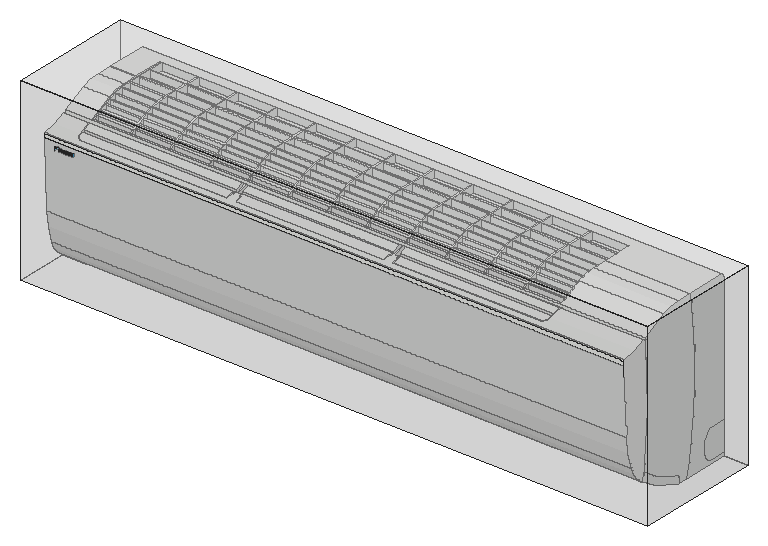
Revit family "outputfile", category 機械設備, Revit 2024
Family settings
  丸型コネクタ寸法 = 半径を使用
  パーツ タイプ = 標準
  OmniClass 番号 = 23.75.10.24.21.27.27
  OmniClass タイトル = Split System Air Conditioning Units
  作業面ベース = いいえ
  常に垂直 = はい
  ロード時にボイドで切り取り = いいえ
  注釈の向きを維持 = いいえ
  共有 = いいえ
  部屋計算ポイント = いいえ
Parameters (values of type "CTXM85RVMA")
  Description = ""
  書き出し IFC クラス(タイプ) = "IfcUnitaryEquipmentType"
  定義済み IFC タイプ(タイプ) = "AIRCONDITIONINGUNIT"
  Cost = 0
  Type Comments = ""
  Keynote = ""
  Type Image = (empty or 0)
  Assembly Code = ""
  w_wall hole = if(Width = 770.0 mm, 48.0 mm, if(Width = 990.0 mm, 60.0 mm, 89.0 mm))  # 89.0 mm
  製造元 = "Daikin"
  モデル = "CTXM85RVMA"
  switch_frequency = yes
  r_Liquid Pipe Size = Liquid Pipe Size / 2  # 3.2 mm
  r_Gas Pipe Size = Gas Pipe Size / 2  # 7.95 mm
  r_Drain Pipe Size = Drain Pipe Size / 2  # 8.0 mm
  lw_powersupply [instance] = if(Width = 770.0 mm, if(or(Rear Right Connection_refrigerant, Bottom Right Connection_refrigerant), 25.0 mm, if(or(Rear Left Connection_refrigerant, Bottom Left Connection_refrigerant), 745.0 mm, 400.0 mm)), if(Width = 990.0 mm, if(or(Rear Right Connection_refrigerant, Bottom Right Connection_refrigerant), 40.0 mm, if(or(Rear Left Connection_refrigerant, Bottom Left Connection_refrigerant), 920.0 mm, 400.0 mm)), if(Width = 1200.0 mm, if(or(Rear Right Connection_refrigerant, Bottom Right Connection_refrigerant), 89.0 mm - 19.0 mm, if(or(Rear Left Connection_refrigerant, Bottom Left Connection_refrigerant), 675.0 mm + (990.0 mm - 770.0 mm) + 145.0 mm + 22.0 mm + 89.0 mm, 400.0 mm)), if(or(Rear Right Connection_refrigerant, Bottom Right Connection_refrigerant), 89.0 mm - 19.0 mm, if(or(Rear Left Connection_refrigerant, Bottom Left Connection_refrigerant), 675.0 mm + (990.0 mm - 770.0 mm) + 145.0 mm + 22.0 mm + 89.0 mm, 400.0 mm)))))  # 400.0 mm
  lw_liquidpipe [instance] = if(Width = 770.0 mm, if(or(Rear Right Connection_refrigerant, Bottom Right Connection_refrigerant), 0.0 mm, if(or(Rear Left Connection_refrigerant, Bottom Left Connection_refrigerant), 664.0 mm, 385.0 mm)), if(Width = 990.0 mm, if(or(Rear Right Connection_refrigerant, Bottom Right Connection_refrigerant), 0.0 mm, if(or(Rear Left Connection_refrigerant, Bottom Left Connection_refrigerant), 664.0 mm + (990.0 mm - 770.0 mm), 475.0 mm)), if(Width = 1200.0 mm, if(or(Rear Right Connection_refrigerant, Bottom Right Connection_refrigerant), 0.0 mm, if(or(Rear Left Connection_refrigerant, Bottom Left Connection_refrigerant), 664.0 mm + (990.0 mm - 770.0 mm) + 145.0 mm, 460.0 mm)), if(or(Rear Right Connection_refrigerant, Bottom Right Connection_refrigerant), 0.0 mm, if(or(Rear Left Connection_refrigerant, Bottom Left Connection_refrigerant), 664.0 mm + (990.0 mm - 770.0 mm) + 145.0 mm, 460.0 mm)))))  # 460.0 mm
  lw_gaspipe [instance] = if(Width = 770.0 mm, if(or(Rear Right Connection_refrigerant, Bottom Right Connection_refrigerant), 0.0 mm, if(or(Rear Left Connection_refrigerant, Bottom Left Connection_refrigerant), 675.0 mm, if(Gas Pipe Size = 12.7 mm, 345.0 mm, 335.0 mm))), if(Width = 990.0 mm, if(or(Rear Right Connection_refrigerant, Bottom Right Connection_refrigerant), 10.0 mm, if(or(Rear Left Connection_refrigerant, Bottom Left Connection_refrigerant), 890.0 mm, if(Gas Pipe Size = 15.9 mm, 410.0 mm, 400.0 mm))), if(Width = 1200.0 mm, if(or(Rear Right Connection_refrigerant, Bottom Right Connection_refrigerant), 10.0 mm, if(or(Rear Left Connection_refrigerant, Bottom Left Connection_refrigerant), 675.0 mm + (990.0 mm - 770.0 mm) + 145.0 mm, 400.0 mm)), if(or(Rear Right Connection_refrigerant, Bottom Right Connection_refrigerant), 10.0 mm, if(or(Rear Left Connection_refrigerant, Bottom Left Connection_refrigerant), 675.0 mm + (990.0 mm - 770.0 mm) + 145.0 mm, 400.0 mm)))))  # 400.0 mm
  lw_drainpipe [instance] = if(Width = 770.0 mm, if(or(Rear Right Connection_refrigerant, Bottom Right Connection_refrigerant), 0.0 mm, if(or(Rear Left Connection_refrigerant, Bottom Left Connection_refrigerant), 770.0 mm - 48.0 mm - 48.0 mm, 440.0 mm)), if(Width = 990.0 mm, if(or(Rear Right Connection_refrigerant, Bottom Right Connection_refrigerant), 0.0 mm, if(or(Rear Left Connection_refrigerant, Bottom Left Connection_refrigerant), 675.0 mm + (990.0 mm - 770.0 mm), 435.0 mm)), if(Width = 1200.0 mm, if(or(Rear Right Connection_refrigerant, Bottom Right Connection_refrigerant), 0.0 mm, if(or(Rear Left Connection_refrigerant, Bottom Left Connection_refrigerant), 675.0 mm + (990.0 mm - 770.0 mm) + 145.0 mm, 465.0 mm)), if(or(Rear Right Connection_refrigerant, Bottom Right Connection_refrigerant), 0.0 mm, if(or(Rear Left Connection_refrigerant, Bottom Left Connection_refrigerant), 675.0 mm + (990.0 mm - 770.0 mm) + 145.0 mm, 465.0 mm)))))  # 465.0 mm
  l_powersupply_length [instance] = if(Width = 770.0 mm, if(Right Connection_refrigerant, 400.0 mm, if(Left Connection_refrigerant, 770.0 mm - 400.0 mm, if(or(Rear Left Connection_refrigerant, Rear Right Connection_refrigerant), 15.0 mm, 50.0 mm))), if(Width = 990.0 mm, if(Right Connection_refrigerant, 400.0 mm, if(Left Connection_refrigerant, 990.0 mm - 400.0 mm, if(or(Rear Left Connection_refrigerant, Rear Right Connection_refrigerant), 15.0 mm, 50.0 mm))), if(Width = 1200.0 mm, if(Right Connection_refrigerant, 400.0 mm, if(Left Connection_refrigerant, 1200.0 mm - 400.0 mm, if(or(Rear Left Connection_refrigerant, Rear Right Connection_refrigerant), 15.0 mm, 50.0 mm))), if(Right Connection_refrigerant, 400.0 mm, if(Left Connection_refrigerant, 1200.0 mm - 400.0 mm, if(or(Rear Left Connection_refrigerant, Rear Right Connection_refrigerant), 15.0 mm, 50.0 mm))))))  # 400.0 mm
  l_liquidpipe_length [instance] = if(Width = 770.0 mm, if(Right Connection_refrigerant, 433.0 mm, if(Left Connection_refrigerant, 337.0 mm, if(or(Rear Left Connection_refrigerant, Rear Right Connection_refrigerant), 30.0 mm, 40.0 mm))), if(Width = 990.0 mm, if(Right Connection_refrigerant, 535.0 mm, if(Left Connection_refrigerant, 455.0 mm, if(or(Rear Left Connection_refrigerant, Rear Right Connection_refrigerant), 30.0 mm, 40.0 mm))), if(Width = 1200.0 mm, if(Right Connection_refrigerant, 549.0 mm, if(Left Connection_refrigerant, 1200.0 mm - 549.0 mm, if(or(Rear Left Connection_refrigerant, Rear Right Connection_refrigerant), 30.0 mm, 40.0 mm))), if(Right Connection_refrigerant, 549.0 mm, if(Left Connection_refrigerant, 1200.0 mm - 549.0 mm, if(or(Rear Left Connection_refrigerant, Rear Right Connection_refrigerant), 30.0 mm, 40.0 mm))))))  # 549.0 mm
  l_gaspipe_length [instance] = if(Width = 770.0 mm, if(Right Connection_refrigerant, if(Gas Pipe Size = 12.7 mm, 393.0 mm, 383.0 mm), if(Left Connection_refrigerant, if(Gas Pipe Size = 12.7 mm, 770.0 mm - 393.0 mm, 770.0 mm - 383.0 mm), if(or(Rear Left Connection_refrigerant, Rear Right Connection_refrigerant), 40.0 mm, 50.0 mm))), if(Width = 990.0 mm, if(Right Connection_refrigerant, if(Gas Pipe Size = 15.9 mm, 470.0 mm, 460.0 mm), if(Left Connection_refrigerant, if(Gas Pipe Size = 15.9 mm, 990.0 mm - 470.0 mm, 990.0 mm - 460.0 mm), if(or(Rear Left Connection_refrigerant, Rear Right Connection_refrigerant), 40.0 mm, 50.0 mm))), if(Width = 1200.0 mm, if(Right Connection_refrigerant, 489.0 mm, if(Left Connection_refrigerant, 1200.0 mm - 489.0 mm, if(or(Rear Left Connection_refrigerant, Rear Right Connection_refrigerant), 40.0 mm, 50.0 mm))), if(Right Connection_refrigerant, 489.0 mm, if(Left Connection_refrigerant, 1200.0 mm - 489.0 mm, if(or(Rear Left Connection_refrigerant, Rear Right Connection_refrigerant), 40.0 mm, 50.0 mm))))))  # 489.0 mm
  l_drainpipe_length [instance] = if(Width = 770.0 mm, if(Right Connection_refrigerant, 488.0 mm, if(Left Connection_refrigerant, 282.0 mm, if(or(Rear Left Connection_refrigerant, Rear Right Connection_refrigerant), 15.0 mm, 20.0 mm))), if(Width = 990.0 mm, if(Right Connection_refrigerant, 495.0 mm, if(Left Connection_refrigerant, 495.0 mm, if(or(Rear Left Connection_refrigerant, Rear Right Connection_refrigerant), 15.0 mm, 20.0 mm))), if(Width = 1200.0 mm, if(Right Connection_refrigerant, 554.0 mm, if(Left Connection_refrigerant, 1200.0 mm - 554.0 mm, if(or(Rear Left Connection_refrigerant, Rear Right Connection_refrigerant), 15.0 mm, 20.0 mm))), if(Right Connection_refrigerant, 554.0 mm, if(Left Connection_refrigerant, 1200.0 mm - 554.0 mm, if(or(Rear Left Connection_refrigerant, Rear Right Connection_refrigerant), 15.0 mm, 20.0 mm))))))  # 554.0 mm
  h*** = 0.0 mm  # constant formula
  connector_voltage = Voltage_50Hz  # 230 V
  connector_powerinput = if([Power Input (Cooling)] > [Power Input (Heating)], [Power Input (Cooling)], [Power Input (Heating)])  # 0.000 kW
  connector_phase = Phase_50Hz  # 1
  angle_vertical [instance] = if(or(Bottom Left Connection_refrigerant, Bottom Right Connection_refrigerant), 0.00°, 90.00°)  # 90.00°
  angle_horizontal [instance] = if(Right Connection_refrigerant, 90.00°, if(Left Connection_refrigerant, -90.00°, if(or(Rear Left Connection_refrigerant, Rear Right Connection_refrigerant), 180.00°, 0.00°)))  # 90.00°
  Width = 1200.0 mm
  Voltage_comment_50Hz = "220 - 240"
  Voltage_50Hz = 230 V
  Version = "ver.1.0"
  Unit Type = "Wall Mounted"
  Unit Mass Weight = 17.00 kg
  Unit Designation [instance] = ""
  Uniclass2015Version = "Products v1.30"
  Uniclass2015Title = "Split coil room air conditioning units"
  Uniclass2015Code = "Pr_70_65_03_86"
  URL = ""
  Total Heating Capacity [instance] = 0.000 kW
  Total Cooling Capacity [instance] = 0.000 kW
  Sound Pressure Level_M speed (dBA) = 46
  Sound Pressure Level_L speed (dBA) = 40
  Sound Pressure Level_H speed (dBA) = 51
  Sound Power Level_H speed (dB) = 0
  Series = "Multi Split_Fan Coil Unit"
  Sensible Cooling Capacity [instance] = 0.000 kW
  Refrigerant Type = "R32"
  Power Input (Heating) = 0.000 kW
  Power Input (Cooling) = 0.000 kW
  Phase_50Hz = 1
  Option Accessory 3 [instance] = ""
  Option Accessory 2 [instance] = ""
  Option Accessory 1 [instance] = ""
  Nominal Heating Capacity = 9.400 kW
  Nominal Cooling Capacity = 8.500 kW
  Minimum Circuit Amps_50Hz = 0.0 A
  Minimum Airflow = 1040.00 m³/h
  Median Airflow = 1240.00 m³/h
  Maximum Fuse Amps_50Hz = 0.0 A
  Maximum Airflow = 1430.00 m³/h
  Material_Casing = DAIKIN_White_Casing_indoorunit
  Load Classification = HVAC
  Liquid Pipe Size = 6.4 mm
  Link_Nested Family [instance] = ""
  IfcVersion = ""
  IfcExportType = "AIRCONDITIONINGUNIT"
  IfcExportAs = "IfcUnitaryEquipmentType"
  Height = 340.0 mm
  Heating Entering Wet Bulb Temperature [instance] = 0.00 °C
  Heating Entering Dry Bulb Temperature [instance] = 0.00 °C
  Heating Ambient Wet Bulb Temperature [instance] = 0.00 °C
  Heating Ambient Dry Bulb Temperature [instance] = 0.00 °C
  Heat Exchanger Type = "Cross Fin Coil"
  Gas Pipe Size = 15.9 mm
  Frequency_50Hz = 50 Hz
  Fan Type = "Cross Flow Fan"
  Fan Drive = "Direct Drive"
  FCU Tag No. [instance] = ""
  Drain Pipe Size = 16.0 mm
  Design Supply Airflow [instance] = 0.00 m³/h
  Depth = 259.0 mm
  既定の高さ = 0.0 mm
  Cooling Entering Wet Bulb Temperature [instance] = 0.00 °C
  Cooling Entering Dry Bulb Temperature [instance] = 0.00 °C
  Cooling Ambient Wet Bulb Temperature [instance] = 0.00 °C
  Cooling Ambient Dry Bulb Temperature [instance] = 0.00 °C
  Clearance visibility [instance] = yes
  Clearance Top = 30.0 mm
  Clearance Right = 50.0 mm
  Clearance Rear = 0.0 mm
  Clearance Left = 50.0 mm
  Clearance Front = 0.0 mm
  Clearance Bottom = 0.0 mm
  Bottom Right Connection_refrigerant [instance] = no
  Bottom Left Connection_refrigerant [instance] = no
  Rear Right Connection_refrigerant [instance] = no
  Rear Left Connection_refrigerant [instance] = no
  Right Connection_refrigerant [instance] = yes
  Left Connection_refrigerant [instance] = no
Reference planes
  plane 1 "Back": y = 0
  plane 2: z = 0
  plane 3 "Center (Left/Right)": x = 0
  plane 4 "Center (Front/Back)": y = -129.5
  plane 5 "Front": y = -259
  plane 6 "Left": x = -600
  plane 7 "Right": x = 600
  plane 8 "Top": z = 0
  plane 9 "Bottom": z = -340
  plane 10: x = -650
  plane 11: x = 650
  plane 12: y = 0
  plane 13: y = -259
  plane 14: z = 30
  plane 15: z = -340
  plane 16 "lw_Piping and Wiring intake": x = 511
  plane 17 "lw_gaspipe": x = 111
  plane 18 "lw_liquidpipe": x = 51
  plane 19 "lw_drainpipe": x = 46
  plane 20 "lh_drainpipe": z = -320
  plane 21 "lh_liquidpipe": z = -300
  plane 22 "lh_gaspipe": z = -290
  plane 23 "ld_drainpipe": y = -15
  plane 24 "ld_liquidpipe": y = -30
  plane 25 "ld_gaspipe": y = -40
  plane 26 "lw_powersupply": x = 200
Dimensions and locks
  equal spacing: plane 6 "Left", plane 3 "Center (Left/Right)", plane 7 "Right"
  "Width": plane 6 "Left" to plane 7 "Right"
  equal spacing: plane 5 "Front", plane 4 "Center (Front/Back)", plane 1 "Back"
  "Depth": plane 5 "Front" to plane 1 "Back"
  "Height": plane 8 "Top" to plane 9 "Bottom"
  "Clearance Rear": plane 12 to plane 1 "Back"
  "Clearance Front": plane 13 to plane 5 "Front"
  "Clearance Top": plane 14 to plane 8 "Top"
  "Clearance Bottom": plane 9 "Bottom" to plane 15
  "w_wall hole": plane 16 "lw_Piping and Wiring intake" to plane 7 "Right"
  "lw_gaspipe": plane 17 "lw_gaspipe" to plane 16 "lw_Piping and Wiring intake"
  "lw_liquidpipe": plane 18 "lw_liquidpipe" to plane 16 "lw_Piping and Wiring intake"
  "lw_drainpipe": plane 19 "lw_drainpipe" to plane 16 "lw_Piping and Wiring intake"
  locked: plane 20 "lh_drainpipe" to plane 9 "Bottom" at 20
  locked: plane 21 "lh_liquidpipe" to plane 9 "Bottom" at 40
  locked: plane 22 "lh_gaspipe" to plane 9 "Bottom" at 50
  locked: plane 23 "ld_drainpipe" to plane 1 "Back" at 15
  locked: plane 1 "Back" to plane 24 "ld_liquidpipe" at 30
  locked: plane 1 "Back" to plane 25 "ld_gaspipe" at 40
  "lw_powersupply": plane 26 "lw_powersupply" to plane 7 "Right"
  "Clearance Right": plane 7 "Right" to plane 11
  "Clearance Left": plane 10 to plane 6 "Left"
  aligned and locked: level to plane 2
  aligned and locked: plane 12 to nested 1
  aligned and locked: nested 1 to plane 13
  aligned and locked: plane 10 to nested 1
  aligned and locked: plane 11 to nested 1
  aligned and locked: plane 15 to nested 1
  aligned and locked: plane 14 to nested 1
  aligned and locked: plane 17 "lw_gaspipe" to nested 2
  aligned and locked: nested 2 to plane 25 "ld_gaspipe"
  aligned and locked: plane 18 "lw_liquidpipe" to nested 3
  aligned and locked: nested 3 to plane 24 "ld_liquidpipe"
  aligned and locked: plane 19 "lw_drainpipe" to nested 4
  aligned and locked: nested 4 to plane 23 "ld_drainpipe"
  aligned and locked: nested 5 to plane 23 "ld_drainpipe"
  aligned and locked: plane 26 "lw_powersupply" to nested 5
  aligned and locked: level to plane 8 "Top"
  aligned and locked: plane 3 "Center (Left/Right)" to nested 6
  aligned and locked: plane 1 "Back" to nested 6
  aligned and locked: plane 8 "Top" to nested 6
Nested families
  nested 1: "daikin_clearancespace" at (0, -129.5, -154.881), show <- "Clearance visibility", visible <- "Clearance visibility", Link_Nested Family <- "Link_Nested Family", type "daikin_clearancespace"
    with width 1300.0 mm, show yes, height 370.0 mm, depth 259.0 mm, Link_Nested Family ""
  nested 2: "daikin_connector_rotate3" at (111, -40, -290), angle_vertical <- "angle_vertical", angle_horizontal <- "angle_horizontal", length <- "l_gaspipe_length", radius <- "r_Gas Pipe Size", type "daikin_connector_rotate3"
    with show no, radius 7.95 mm, length 489.0 mm, angle_vertical 90.00°, angle_horizontal 90.00°
  nested 3: "daikin_connector_rotate3" at (51, -30, -300), angle_vertical <- "angle_vertical", angle_horizontal <- "angle_horizontal", radius <- "r_Liquid Pipe Size", length <- "l_liquidpipe_length", type "daikin_connector_rotate3"
    with show no, radius 3.2 mm, length 549.0 mm, angle_vertical 90.00°, angle_horizontal 90.00°
  nested 4: "daikin_connector_rotate3" at (46, -15, -320), angle_vertical <- "angle_vertical", angle_horizontal <- "angle_horizontal", length <- "l_drainpipe_length", radius <- "r_Drain Pipe Size", type "daikin_connector_rotate3"
    with show no, radius 8.0 mm, length 554.0 mm, angle_vertical 90.00°, angle_horizontal 90.00°
  nested 5: "daikin_connector_rotate3" at (200, -15, -290), angle_vertical <- "angle_vertical", angle_horizontal <- "angle_horizontal", length <- "l_powersupply_length", type "daikin_connector_rotate3"
    with show no, radius 10.0 mm, length 400.0 mm, angle_vertical 90.00°, angle_horizontal 90.00°
  nested 6: "DAIKIN_indoorunit_CTXM-RVMA" at (-31, 0, 0), type "CTXM-RVMA"
    with switch_unit1_85-95 yes, switch_unit1_20-46 no, Width 1200.0 mm, WALL HOLE_L 65.0 mm, WALL HOLE_H 45.0 mm, WALL HOLE-R 89.0 mm, WALL HOLE Size 80.0 mm, Height 340.0 mm
Connectors
  piping at (600, -40, -290), diameter 15.9, driven by "r_Gas Pipe Size"
    settings: on nested 2, index 1, connector inside diameter 609.6 mm, connector length 0.0 mm, flow factor 0, pipe flow 0.00 m³/h, pressure drop 0.0 Pa, fitting loss kfactor 0, connector angle 0.00°, fixture units 0, engagement length 0.0 mm, angle of deflection 0.00°, flow configuration 1, flow direction 2, fitting loss method 0, system type 29, joint type 0, gender type 0, connector reference index -1, connector utility 0, adjustable connector no, is connector primary yes, connector description "Refrigerant Gas Piping"
  piping at (600, -30, -300), diameter 6.4, driven by "r_Liquid Pipe Size"
    settings: on nested 3, index 2, connector inside diameter 609.6 mm, connector length 0.0 mm, flow factor 0, pipe flow 0.00 m³/h, pressure drop 0.0 Pa, fitting loss kfactor 0, connector angle 0.00°, fixture units 0, engagement length 0.0 mm, angle of deflection 0.00°, flow configuration 1, flow direction 1, fitting loss method 0, system type 29, joint type 0, gender type 0, connector reference index -1, connector utility 0, adjustable connector no, is connector primary no, connector description "Refrigerant Liquid Piping"
  piping at (600, -15, -320), diameter 16, driven by "r_Drain Pipe Size"
    settings: on nested 4, index 3, connector inside diameter 609.6 mm, connector length 0.0 mm, flow factor 0, pipe flow 0.00 m³/h, pressure drop 0.0 Pa, fitting loss kfactor 0, connector angle 0.00°, fixture units 0, engagement length 0.0 mm, angle of deflection 0.00°, flow configuration 1, flow direction 2, fitting loss method 4, system type 16, joint type 0, gender type 0, connector reference index -1, connector utility 0, adjustable connector no, is connector primary no, connector description "Condensate Drain Piping"
  electrical at (600, -15, -290), driven by "Load Classification", driven by "connector_voltage", driven by "connector_phase", driven by "connector_powerinput"
    settings: on nested 5, index 4, voltage 230 V, apparent load 0 VA, apparent load phase1 0 VA, apparent load phase2 0 VA, apparent load phase3 0 VA, power factor 1, load classification "HVAC", number of poles 1, system type 30, power factor state 1, is connector primary yes, connector utility no, sub classification motor no, connector description "Power Supply"
Definition of nested family "daikin_clearancespace"
  Parameters (values of type "daikin_clearancespace")
    Description = "daikin_clearancespace"
    width [instance] = 1823.963 mm
    show [instance] = yes
    material = none
    height [instance] = 1359.762 mm
    depth [instance] = 880.0 mm
    Default Elevation = 0.0 mm
    Link_Nested Family [instance] = ""
  Reference planes
    plane 1 "Center (Front/Back)": y = 0
    plane 2 "Center (Elevation)": z = -0.119
    plane 3 "Center (Left/Right)": x = 0
    plane 4: y = 440
    plane 5: y = -440
    plane 6 "Right": x = 911.982
    plane 7 "Left": x = -911.982
    plane 8 "Top": z = 679.762
    plane 9 "Bottom": z = -680
  Forms (mm)
    Extrusion 1, solid, material <- "material", visible <- "show"
      sketch origin (0, 0, 0) x (1, 0, 0) y (0, 1, 0)
        loop
          line (-911.982, 440) -> (-911.982, -440) -> (911.982, -440) -> (911.982, 440) -> (-911.982, 440)
      from -680 to 679.762
  Lines and regions (mm)
    symbolic lines, visible <- "show"
      curve 1: line (911.982, 440, 0) -> (-911.982, 440, 0)
      curve 2: line (-911.982, 440, 0) -> (-911.982, -440, 0)
      curve 3: line (-911.982, -440, 0) -> (911.982, -440, 0)
      curve 4: line (911.982, -440, 0) -> (911.982, 440, 0)
      curve 5: line (911.982, 0, 679.762) -> (-911.982, 0, 679.762)
      curve 6: line (911.982, 0, -680) -> (911.982, 0, 679.762)
      curve 7: line (-911.982, 0, -680) -> (911.982, 0, -680)
      curve 8: line (-911.982, 0, 679.762) -> (-911.982, 0, -680)
      curve 9: line (0, 440, 679.762) -> (0, -440, 679.762)
      curve 10: line (0, -440, 679.762) -> (0, -440, -680)
      curve 11: line (0, 440, -680) -> (0, 440, 679.762)
      curve 12: line (0, -440, -680) -> (0, 440, -680)
  Dimensions and locks
    "width": plane 7 "Left" to plane 6 "Right"
    "depth": plane 4 to plane 5
    "height": plane 8 "Top" to plane 9 "Bottom"
    equal spacing: plane 7 "Left", plane 3 "Center (Left/Right)", plane 6 "Right"
    equal spacing: plane 4, plane 1 "Center (Front/Back)", plane 5
    equal spacing: plane 8 "Top", plane 2 "Center (Elevation)", plane 9 "Bottom"
    aligned and locked: level to plane 2 "Center (Elevation)"
    aligned and locked: Extrusion 1 sketch curve to plane 4
    aligned and locked: plane 7 "Left" to Extrusion 1 sketch curve
    aligned and locked: Extrusion 1 sketch curve to plane 5
    aligned and locked: Extrusion 1 sketch curve to plane 6 "Right"
    aligned and locked: plane 8 "Top" to Extrusion 1
    aligned and locked: curve 1 to Extrusion 1
    aligned and locked: curve 2 to Extrusion 1
    aligned and locked: curve 3 to Extrusion 1
    aligned and locked: curve 4 to Extrusion 1
    aligned and locked: curve 5 to Extrusion 1
    aligned and locked: curve 6 to Extrusion 1
    aligned and locked: curve 7 to Extrusion 1
    aligned and locked: curve 8 to Extrusion 1
    aligned and locked: curve 9 to Extrusion 1
    aligned and locked: curve 10 to Extrusion 1
    aligned and locked: curve 11 to Extrusion 1
    aligned and locked: curve 12 to Extrusion 1
    aligned and locked: Extrusion 1 to plane 9 "Bottom"
Definition of nested family "DAIKIN_indoorunit_CTXM-RVMA"
  Parameters (values of type "CTXM-RVMA")
    switch_unit1_85-95 = Width = 1200.0 mm  # no
    switch_unit1_50-71 = Width = 990.0 mm  # no
    switch_unit1_20-46 = Width = 770.0 mm  # yes
    Width = 770.0 mm
    WALL HOLE_L = if(Width = 1200.0 mm, 65.0 mm, 48.0 mm)  # 48.0 mm
    WALL HOLE_H = if(Width = 1200.0 mm, 45.0 mm, 44.5 mm)  # 44.5 mm
    WALL HOLE-R = if(Width = 770.0 mm, 48.0 mm, if(Width = 990.0 mm, 60.0 mm, 89.0 mm))  # 48.0 mm
    WALL HOLE Size = if(Width = 770.0 mm, 65.0 mm, 80.0 mm)  # 65.0 mm
    Material_Casing = none
    Height = if(Width = 770.0 mm, 285.0 mm, if(Width = 990.0 mm, 295.0 mm, 340.0 mm))  # 285.0 mm
    Default Elevation = 0.0 mm
  Reference planes
    plane 1 "Center (Front/Back)": y = 0
    plane 2 "reference_level": z = 0
    plane 3 "Center (Left/Right)": x = 31
    plane 4: x = -354
    plane 5: x = 416
    plane 6: z = -285
  Forms (mm)
    Extrusion 1, solid, material <- "Material_Casing", visible <- "switch_unit1_20-46"
      sketch origin (29, 0, 0) x (0, 1, 0) y (0, 0, 1)
        loop
          line (-5, 0) -> (-98, 0)
          arc (-98, 0) -> (-157.611, -7.211) -> (-213.783, -28.427) r 250
          arc (-213.783, -28.427) -> (-213.842, -32.972) -> (-213.892, -37.516) r 2191
          arc (-213.892, -37.516) -> (-157.832, -15.495) -> (-98.07, -8) r 242
          line (-98.07, -8) -> (0, -8) -> (-5, 0)
      from -383 to 387
    Extrusion 2, solid, material <- "Material_Casing", visible <- "switch_unit1_20-46"
      sketch origin (416, 1296.25, 1200) x (0, 1, 0) y (0, 0, 1)
        loop
          line (-1472.998, -1446.91) -> (-1476.998, -1453.839)
          arc (-1476.998, -1453.839) -> (-1437.481, -1472.422) -> (-1395.25, -1483.538) r 240
          line (-1395.25, -1483.538) -> (-1395.25, -1475.422)
          arc (-1395.25, -1475.422) -> (-1435.407, -1464.663) -> (-1472.998, -1446.91) r 232
      from 0 to -47.5
    Extrusion 3, solid, material <- "Material_Casing", visible <- "switch_unit1_20-46"
      sketch origin (29, 0, 0) x (0, 1, 0) y (0, 0, 1)
        loop
          arc (-223, -60.455) -> (-222.414, -110.646) -> (-220.656, -160.81) r 2149.92
          arc (-220.656, -160.81) -> (-219.65, -174.299) -> (-217.853, -187.706) r 229.911
          arc (-217.853, -187.706) -> (-205.371, -223.594) -> (-181.517, -253.17) r 111
          line (-181.517, -253.17) -> (-177.429, -246.093)
          arc (-177.429, -246.093) -> (-198.77, -218.989) -> (-209.965, -186.36) r 103
          arc (-209.965, -186.36) -> (-211.681, -173.586) -> (-212.651, -160.735) r 221.844
          arc (-212.651, -160.735) -> (-214.739, -93.233) -> (-214.74, -25.699) r 2186.828
          arc (-214.74, -25.699) -> (-214.671, -21.467) -> (-214.594, -17.235) r 2192
          line (-214.594, -17.235) -> (-223, -19.961) -> (-223, -60.455)
      from -383 to 387
    Extrusion 4, solid, material <- "Material_Casing", visible <- "switch_unit1_20-46"
      sketch origin (29, 0, 0) x (0, 1, 0) y (0, 0, 1)
        loop
          line (-181.517, -253.17) -> (-179.597, -249.846)
          arc (-179.597, -249.846) -> (-202.009, -221.399) -> (-213.189, -186.952) r 103
          line (-213.189, -186.952) -> (-217.853, -187.706)
          arc (-217.853, -187.706) -> (-217.533, -189.556) -> (-217.182, -191.4) r 111
          arc (-217.182, -191.4) -> (-213.806, -208.181) -> (-210.362, -224.948) r 4257.809
          arc (-210.362, -224.948) -> (-198.886, -237.857) -> (-186.225, -249.607) r 180
          line (-186.225, -249.607) -> (-181.517, -253.17)
      from -383 to 387
    Extrusion 5, solid, material <- "Material_Casing", visible <- "switch_unit1_20-46"
      sketch origin (29, 0, -20) x (0, 1, 0) y (0, 0, 1)
        loop
          line (0, -265) -> (0, 12) -> (-98.07, 12)
          arc (-98.07, 12) -> (-157.832, 4.505) -> (-213.892, -17.516) r 242
          arc (-213.892, -17.516) -> (-213.638, -79.114) -> (-211.653, -140.681) r 2191
          arc (-211.653, -140.681) -> (-210.685, -153.501) -> (-208.973, -166.243) r 221
          arc (-208.973, -166.243) -> (-197.471, -199.282) -> (-175.482, -226.491) r 102
          arc (-175.482, -226.491) -> (-138.004, -244.019) -> (-98, -254.579) r 231
          line (-98, -254.579) -> (-98, -265) -> (0, -265)
      from -383 to 387
    Extrusion 6, solid, material <- "Material_Casing", visible <- "switch_unit1_20-46"
      sketch origin (-354, 1296.25, 1200) x (0, 1, 0) y (0, 0, 1)
        loop
          line (-1472.998, -1446.91) -> (-1476.998, -1453.839)
          arc (-1476.998, -1453.839) -> (-1437.481, -1472.422) -> (-1395.25, -1483.538) r 240
          line (-1395.25, -1483.538) -> (-1395.25, -1475.422)
          arc (-1395.25, -1475.422) -> (-1435.407, -1464.663) -> (-1472.998, -1446.91) r 232
      from 47 to 0
    Extrusion 7, solid, material <- "Material_Casing", visible <- "switch_unit1_20-46"
      sketch origin (416, 1296.25, 1200) x (0, 1, 0) y (0, 0, 1)
        loop
          line (-1472.998, -1446.91) -> (-1476.998, -1453.839)
          arc (-1476.998, -1453.839) -> (-1443.437, -1470.168) -> (-1407.75, -1481.097) r 240
          line (-1407.75, -1481.097) -> (-1407.75, -1472.894)
          arc (-1407.75, -1472.894) -> (-1441.363, -1462.385) -> (-1472.998, -1446.91) r 232
      from -116.993 to -48.493
    Extrusion 8, solid, material <- "Material_Casing", visible <- "switch_unit1_20-46"
      sketch origin (416, 1296.25, 1200) x (0, 1, 0) y (0, 0, 1)
        loop
          line (-1472.998, -1446.91) -> (-1476.998, -1453.839)
          arc (-1476.998, -1453.839) -> (-1443.437, -1470.168) -> (-1407.75, -1481.097) r 240
          line (-1407.75, -1481.097) -> (-1407.75, -1472.894)
          arc (-1407.75, -1472.894) -> (-1441.363, -1462.385) -> (-1472.998, -1446.91) r 232
      from -717 to -121.993
    Extrusion 9, void
      sketch origin (31, 0, -235) x (1, 0, 0) y (0, 1, 0)
        loop
          line (-252.674, -22.316) -> (-354.941, -22.316) -> (-354.941, -91.341) -> (-252.674, -91.341) -> (-252.674, -22.316)
        loop
          line (-249.341, -91.341) -> (-151.574, -91.341) -> (-151.574, -22.316) -> (-249.341, -22.316) -> (-249.341, -91.341)
        loop
          line (58.309, -22.316) -> (-148.309, -22.316) -> (-148.309, -91.341) -> (58.309, -91.341) -> (58.309, -22.316)
        loop
          line (61.689, -22.316) -> (61.689, -91.341) -> (159.457, -91.341) -> (159.457, -22.316) -> (61.689, -22.316)
        loop
          line (162.789, -22.316) -> (162.789, -91.341) -> (265.057, -91.341) -> (265.057, -22.316) -> (162.789, -22.316)
        loop
          line (-354.941, -94.659) -> (-354.941, -165.259) -> (-252.674, -165.259) -> (-252.674, -94.659) -> (-354.941, -94.659)
        loop
          line (-249.341, -94.659) -> (-249.341, -165.259) -> (-151.574, -165.259) -> (-151.574, -94.659) -> (-249.341, -94.659)
        loop
          line (-148.309, -94.659) -> (-148.309, -165.259) -> (58.309, -165.259) -> (58.309, -94.659) -> (-148.309, -94.659)
        loop
          line (61.689, -94.659) -> (61.689, -165.259) -> (159.457, -165.259) -> (159.457, -94.659) -> (61.689, -94.659)
        loop
          line (162.789, -94.659) -> (162.789, -165.259) -> (265.057, -165.259) -> (265.057, -94.659) -> (162.789, -94.659)
        loop
          line (-354.941, -167.382) -> (-354.941, -192.681) -> (-252.674, -192.681) -> (-252.674, -167.382) -> (-354.941, -167.382)
        loop
          line (-249.341, -167.382) -> (-249.341, -192.681) -> (-151.574, -192.681) -> (-151.574, -167.382) -> (-249.341, -167.382)
        loop
          line (-148.309, -167.382) -> (-148.309, -192.681) -> (58.309, -192.681) -> (58.309, -167.382) -> (-148.309, -167.382)
        loop
          line (159.457, -167.382) -> (61.689, -167.382) -> (61.689, -192.681) -> (159.457, -192.681) -> (159.457, -167.382)
        loop
          line (265.057, -167.382) -> (162.789, -167.382) -> (162.789, -192.681) -> (265.057, -192.681) -> (265.057, -167.382)
      from 201.638 to 250
    Extrusion 10, void
      sketch origin (31, 0, 0) x (1, 0, 0) y (0, 0, 1)
        loop
          arc (597, -174.907) -> (0.056, -245.263) -> (-597, -175.856) r 2585.042
          line (-597, -175.856) -> (-597, -352.872) -> (597, -352.872) -> (597, -174.907)
      from 173 to 315.3
    Extrusion 11, solid, material <- "Material_Casing"
      sketch origin (31, 0, 0) x (1, 0, 0) y (0, 0, 1)
        loop
          circle (337, -240.5) r 32.5
        loop
          circle (-337, -240.5) r 32.5
      from 0 to 5
    Extrusion 12, solid, material <- "Material_Casing", visible <- "switch_unit1_20-46"
      sketch origin (416, 1296.25, 1200) x (0, -1, 0) y (0, 0, 1)
        loop
          line (1326.25, -1417) -> (1296.25, -1417) -> (1296.25, -1477) -> (1326.25, -1477)
          arc (1326.25, -1477) -> (1340.393, -1471.142) -> (1346.25, -1457) r 20
          line (1346.25, -1457) -> (1346.25, -1437)
          arc (1346.25, -1437) -> (1340.393, -1422.858) -> (1326.25, -1417) r 20
      from 0 to 5
    Extrusion 13, solid, material <- "Material_Casing", visible <- "switch_unit1_20-46"
      sketch origin (-354, 1296.25, 1200) x (0, 1, 0) y (0, 0, 1)
        loop
          line (-1296.25, -1417) -> (-1326.25, -1417)
          arc (-1326.25, -1417) -> (-1340.393, -1422.858) -> (-1346.25, -1437) r 20
          line (-1346.25, -1437) -> (-1346.25, -1457)
          arc (-1346.25, -1457) -> (-1340.393, -1471.142) -> (-1326.25, -1477) r 20
          line (-1326.25, -1477) -> (-1296.25, -1477) -> (-1296.25, -1417)
      from 0 to 5
    Extrusion 14, solid, material <- "Material_Casing", visible <- "switch_unit1_20-46"
      sketch origin (31, 0, -285) x (-1, 0, 0) y (0, -1, 0)
        loop
          line (-314, 0) -> (-314, 30)
          arc (-314, 30) -> (-319.858, 44.142) -> (-334, 50) r 20
          line (-334, 50) -> (-354, 50)
          arc (-354, 50) -> (-368.142, 44.142) -> (-374, 30) r 20
          line (-374, 30) -> (-374, 0) -> (-314, 0)
        loop
          line (374, 0) -> (374, 30)
          arc (374, 30) -> (368.142, 44.142) -> (354, 50) r 20
          line (354, 50) -> (334, 50)
          arc (334, 50) -> (319.858, 44.142) -> (314, 30) r 20
          line (314, 30) -> (314, 0) -> (374, 0)
      from 0 to 5
    Extrusion 15, solid, material <- "Material_Casing", visible <- "switch_unit1_50-71"
      sketch origin (31, 0, 0) x (0, 1, 0) y (0, 0, 1)
        loop
          line (-5, 0) -> (-138, 0)
          arc (-138, 0) -> (-197.611, -7.211) -> (-253.783, -28.427) r 250
          arc (-253.783, -28.427) -> (-253.838, -32.687) -> (-253.886, -36.946) r 2191
          arc (-253.886, -36.946) -> (-197.73, -15.346) -> (-138.014, -8) r 246.393
          line (-138.014, -8) -> (0, -8) -> (-5, 0)
      from -495 to 495
    Extrusion 16, solid, material <- "Material_Casing", visible <- "switch_unit1_50-71"
      sketch origin (418, 1296.25, 1200) x (0, 1, 0) y (0, 0, 1)
        loop
          arc (-1515.208, -1454.149) -> (-1506.856, -1460.599) -> (-1497.925, -1466.219) r 110
          arc (-1497.925, -1466.219) -> (-1445.718, -1487.493) -> (-1389.844, -1494.995) r 223
          line (-1389.844, -1494.995) -> (-1389.844, -1486.086) -> (-1404.386, -1486.086)
          arc (-1404.386, -1486.086) -> (-1449.542, -1477.46) -> (-1491.818, -1459.402) r 214.289
          arc (-1491.818, -1459.402) -> (-1501.056, -1453.541) -> (-1509.606, -1446.715) r 101
          line (-1509.606, -1446.715) -> (-1515.208, -1454.149)
      from 108 to 57.5
    Extrusion 17, solid, material <- "Material_Casing", visible <- "switch_unit1_50-71"
      sketch origin (31, 0, 0) x (0, 1, 0) y (0, 0, 1)
        loop
          line (-263, -19.962) -> (-263, -61.6)
          arc (-263, -61.6) -> (-262.414, -110.219) -> (-260.656, -158.81) r 2017.341
          arc (-260.656, -158.81) -> (-255.648, -191.935) -> (-244.041, -223.362) r 164.725
          arc (-244.041, -223.362) -> (-233.569, -239.793) -> (-219.717, -253.495) r 87.379
          line (-219.717, -253.495) -> (-214.706, -246.846)
          arc (-214.706, -246.846) -> (-229.564, -230.029) -> (-240.385, -210.371) r 102
          arc (-240.385, -210.371) -> (-249.049, -182.962) -> (-252.848, -154.467) r 165.789
          arc (-252.848, -154.467) -> (-254.771, -90.102) -> (-254.74, -25.708) r 2122.533
          arc (-254.74, -25.708) -> (-254.671, -21.469) -> (-254.594, -17.23) r 2192
          line (-254.594, -17.23) -> (-263, -19.962)
      from -495 to 495
    Extrusion 18, void
      sketch origin (33, 0, 0) x (1, 0, 0) y (0, 1, 0)
        loop
          line (-466.909, -22.316) -> (-466.909, -111.341) -> (-366.303, -111.341) -> (-366.303, -22.316) -> (-466.909, -22.316)
        loop
          line (-362.71, -22.316) -> (-362.71, -111.341) -> (-262.103, -111.341) -> (-262.103, -22.316) -> (-362.71, -22.316)
        loop
          line (-258.51, -22.316) -> (-258.51, -111.341) -> (-157.904, -111.341) -> (-157.904, -22.316) -> (-258.51, -22.316)
        loop
          line (-154.31, -22.316) -> (-154.31, -111.341) -> (-53.704, -111.341) -> (-53.704, -22.316) -> (-154.31, -22.316)
        loop
          line (-50.11, -22.316) -> (-50.11, -111.341) -> (50.496, -111.341) -> (50.496, -22.316) -> (-50.11, -22.316)
        loop
          line (54.089, -22.316) -> (54.089, -111.341) -> (154.696, -111.341) -> (154.696, -22.316) -> (54.089, -22.316)
        loop
          line (158.289, -22.316) -> (158.289, -111.341) -> (258.895, -111.341) -> (258.895, -22.316) -> (158.289, -22.316)
        loop
          line (262.489, -22.316) -> (262.489, -111.341) -> (363.095, -111.341) -> (363.095, -22.316) -> (262.489, -22.316)
        loop
          line (-466.909, -114.459) -> (-466.909, -185.059) -> (-366.303, -185.059) -> (-366.303, -114.459) -> (-466.909, -114.459)
        loop
          line (-362.71, -114.459) -> (-362.71, -185.059) -> (-262.103, -185.059) -> (-262.103, -114.459) -> (-362.71, -114.459)
        loop
          line (-258.51, -114.459) -> (-258.51, -185.059) -> (-157.904, -185.059) -> (-157.904, -114.459) -> (-258.51, -114.459)
        loop
          line (-154.31, -114.459) -> (-154.31, -185.059) -> (-53.704, -185.059) -> (-53.704, -114.459) -> (-154.31, -114.459)
        loop
          line (-50.11, -114.459) -> (-50.11, -185.059) -> (50.496, -185.059) -> (50.496, -114.459) -> (-50.11, -114.459)
        loop
          line (54.089, -114.459) -> (54.089, -185.059) -> (154.696, -185.059) -> (154.696, -114.459) -> (54.089, -114.459)
        loop
          line (158.289, -114.459) -> (158.289, -185.059) -> (258.895, -185.059) -> (258.895, -114.459) -> (158.289, -114.459)
        loop
          line (262.489, -114.459) -> (262.489, -185.059) -> (363.095, -185.059) -> (363.095, -114.459) -> (262.489, -114.459)
        loop
          line (-466.909, -187.382) -> (-466.909, -232.681) -> (-366.303, -232.681) -> (-366.303, -187.382) -> (-466.909, -187.382)
        loop
          line (-362.71, -187.382) -> (-362.71, -232.681) -> (-262.103, -232.681) -> (-262.103, -187.382) -> (-362.71, -187.382)
        loop
          line (-258.51, -187.382) -> (-258.51, -232.681) -> (-157.904, -232.681) -> (-157.904, -187.382) -> (-258.51, -187.382)
        loop
          line (-154.31, -187.382) -> (-154.31, -232.681) -> (-53.704, -232.681) -> (-53.704, -187.382) -> (-154.31, -187.382)
        loop
          line (-50.11, -187.382) -> (-50.11, -232.681) -> (50.496, -232.681) -> (50.496, -187.382) -> (-50.11, -187.382)
        loop
          line (54.089, -187.382) -> (54.089, -232.681) -> (154.696, -232.681) -> (154.696, -187.382) -> (54.089, -187.382)
        loop
          line (158.289, -187.382) -> (158.289, -232.681) -> (258.895, -232.681) -> (258.895, -187.382) -> (158.289, -187.382)
        loop
          line (262.489, -187.382) -> (262.489, -232.681) -> (363.095, -232.681) -> (363.095, -187.382) -> (262.489, -187.382)
      from -40.013 to 47.268
    Extrusion 19, void
      sketch origin (33, 0, 2300) x (1, 0, 0) y (0, 0, 1)
        loop
          line (705, -2672.872) -> (705, -2462.4)
          arc (705, -2462.4) -> (-2.043, -2534.819) -> (-709, -2461.567) r 3467.757
          line (-709, -2461.567) -> (-709, -2672.872) -> (705, -2672.872)
      from 173 to 315.3
    Extrusion 20, solid, material <- "Material_Casing", visible <- "switch_unit1_50-71"
      sketch origin (-356, 1296.25, 1200) x (0, 1, 0) y (0, 0, -1)
        loop
          line (-1515.208, 1454.149) -> (-1509.606, 1446.715)
          arc (-1509.606, 1446.715) -> (-1501.056, 1453.541) -> (-1491.818, 1459.402) r 101
          arc (-1491.818, 1459.402) -> (-1449.542, 1477.46) -> (-1404.386, 1486.086) r 214.289
          line (-1404.386, 1486.086) -> (-1389.844, 1486.086) -> (-1389.844, 1494.995)
          arc (-1389.844, 1494.995) -> (-1445.718, 1487.493) -> (-1497.925, 1466.219) r 223
          arc (-1497.925, 1466.219) -> (-1506.856, 1460.599) -> (-1515.208, 1454.149) r 110
      from 108 to 61
    Extrusion 21, solid, material <- "Material_Casing", visible <- "switch_unit1_50-71"
      sketch origin (418, 1296.25, 1200) x (0, 1, 0) y (0, 0, 1)
        loop
          arc (-1515.208, -1454.149) -> (-1506.856, -1460.599) -> (-1497.925, -1466.219) r 110
          arc (-1497.925, -1466.219) -> (-1463.185, -1482.066) -> (-1426.25, -1491.755) r 223
          line (-1426.25, -1491.755) -> (-1426.25, -1483.166)
          arc (-1426.25, -1483.166) -> (-1460.008, -1473.969) -> (-1491.818, -1459.402) r 214.289
          arc (-1491.818, -1459.402) -> (-1501.056, -1453.541) -> (-1509.606, -1446.715) r 101
          line (-1509.606, -1446.715) -> (-1515.208, -1454.149)
      from 56.5 to -36.993
    Extrusion 22, solid, material <- "Material_Casing", visible <- "switch_unit1_50-71"
      sketch origin (418, 1296.25, 1200) x (0, 1, 0) y (0, 0, 1)
        loop
          arc (-1426.25, -1483.166) -> (-1443.442, -1479.224) -> (-1460.25, -1473.881) r 214.289
          line (-1460.25, -1473.881) -> (-1460.25, -1483.089)
          arc (-1460.25, -1483.089) -> (-1443.421, -1488.091) -> (-1426.25, -1491.755) r 223
          line (-1426.25, -1491.755) -> (-1426.25, -1483.166)
      from -43.493 to -828.893
    Extrusion 23, solid, material <- "Material_Casing", visible <- "switch_unit1_50-71"
      sketch origin (418, 1296.25, 1200) x (0, 1, 0) y (0, 0, 1)
        loop
          arc (-1515.208, -1454.149) -> (-1506.856, -1460.599) -> (-1497.925, -1466.219) r 110
          arc (-1497.925, -1466.219) -> (-1479.479, -1475.527) -> (-1460.25, -1483.089) r 223
          line (-1460.25, -1483.089) -> (-1460.25, -1473.881)
          arc (-1460.25, -1473.881) -> (-1476.328, -1467.282) -> (-1491.818, -1459.402) r 214.289
          arc (-1491.818, -1459.402) -> (-1501.056, -1453.541) -> (-1509.606, -1446.715) r 101
          line (-1509.606, -1446.715) -> (-1515.208, -1454.149)
      from -43.493 to -828.893
    Extrusion 24, solid, material <- "Material_Casing", visible <- "switch_unit1_50-71"
      sketch origin (31, 0, 0) x (0, 1, 0) y (0, 0, 1)
        loop
          arc (-217.78, -250.924) -> (-234.088, -233.307) -> (-245.826, -212.366) r 102
          arc (-245.826, -212.366) -> (-251.608, -196.062) -> (-255.659, -179.245) r 165.789
          line (-255.659, -179.245) -> (-258.299, -179.737)
          arc (-258.299, -179.737) -> (-257.524, -183.799) -> (-256.646, -187.84) r 164.725
          arc (-256.646, -187.84) -> (-252.868, -206.25) -> (-249.973, -224.82) r 393.089
          arc (-249.973, -224.82) -> (-239.237, -236.969) -> (-227.451, -248.102) r 180
          arc (-227.451, -248.102) -> (-223.723, -250.998) -> (-219.717, -253.495) r 45.878
          line (-219.717, -253.495) -> (-217.78, -250.924)
      from -495 to 495
    Extrusion 25, solid, material <- "Material_Casing", visible <- "switch_unit1_50-71"
      sketch origin (31, 0, -30) x (0, 1, 0) y (0, 0, 1)
        loop
          line (0, 22) -> (-138.014, 22)
          arc (-138.014, 22) -> (-197.73, 14.654) -> (-253.886, -6.946) r 246.393
          arc (-253.886, -6.946) -> (-253.682, -65.635) -> (-251.855, -124.295) r 2120.935
          arc (-251.855, -124.295) -> (-248.086, -152.682) -> (-239.461, -179.988) r 164.789
          arc (-239.461, -179.988) -> (-228.903, -199.231) -> (-214.437, -215.738) r 101
          line (-214.437, -215.738) -> (-212.406, -216.221)
          arc (-212.406, -216.221) -> (-204.07, -222.837) -> (-195.079, -228.53) r 100
          arc (-195.079, -228.53) -> (-145.557, -248.629) -> (-92.593, -255.785) r 213.289
          line (-92.593, -255.785) -> (-92.593, -265) -> (0, -265) -> (0, 22)
      from -495 to 495
    Extrusion 26, solid, material <- "Material_Casing", visible <- "switch_unit1_50-71"
      sketch origin (526, 1296.25, 1200) x (0, -1, 0) y (0, 0, 1)
        loop
          line (1326.25, -1427.035) -> (1296.25, -1427.035) -> (1296.25, -1487.035) -> (1326.25, -1487.035)
          arc (1326.25, -1487.035) -> (1340.393, -1481.177) -> (1346.25, -1467.035) r 20
          line (1346.25, -1467.035) -> (1346.25, -1447.035)
          arc (1346.25, -1447.035) -> (1340.393, -1432.892) -> (1326.25, -1427.035) r 20
      from 0 to 5
    Extrusion 27, solid, material <- "Material_Casing", visible <- "switch_unit1_50-71"
      sketch origin (-459, 1296.25, 1200) x (0, -1, 0) y (0, 0, 1)
        loop
          line (1326.25, -1427.035) -> (1296.25, -1427.035) -> (1296.25, -1487.035) -> (1326.25, -1487.035)
          arc (1326.25, -1487.035) -> (1340.393, -1481.177) -> (1346.25, -1467.035) r 20
          line (1346.25, -1467.035) -> (1346.25, -1447.035)
          arc (1346.25, -1447.035) -> (1340.393, -1432.892) -> (1326.25, -1427.035) r 20
      from 0 to 5
    Extrusion 28, solid, material <- "Material_Casing", visible <- "switch_unit1_50-71"
      sketch origin (31, 200, -295) x (-1, 0, 0) y (0, -1, 0)
        loop
          line (469, 200) -> (469, 230)
          arc (469, 230) -> (463.142, 244.142) -> (449, 250) r 20
          line (449, 250) -> (429, 250)
          arc (429, 250) -> (414.858, 244.142) -> (409, 230) r 20
          line (409, 230) -> (409, 200) -> (469, 200)
        loop
          line (-469, 200) -> (-409, 200) -> (-409, 230)
          arc (-409, 230) -> (-414.858, 244.142) -> (-429, 250) r 20
          line (-429, 250) -> (-449, 250)
          arc (-449, 250) -> (-463.142, 244.142) -> (-469, 230) r 20
          line (-469, 230) -> (-469, 200)
      from 0 to 5
    Extrusion 29, solid, material <- "Material_Casing", visible <- "switch_unit1_85-95"
      sketch origin (631, 1296.25, 1200) x (0, -1, 0) y (0, 0, 1)
        loop
          line (1326.25, -1472) -> (1296.25, -1472) -> (1296.25, -1532) -> (1326.25, -1532)
          arc (1326.25, -1532) -> (1340.393, -1526.142) -> (1346.25, -1512) r 20
          line (1346.25, -1512) -> (1346.25, -1492)
          arc (1346.25, -1492) -> (1340.393, -1477.858) -> (1326.25, -1472) r 20
      from 0 to 5
    Extrusion 30, solid, material <- "Material_Casing", visible <- "switch_unit1_85-95"
      sketch origin (-569, 1296.25, 1200) x (0, 1, 0) y (0, 0, 1)
        loop
          line (-1296.25, -1472) -> (-1326.25, -1472)
          arc (-1326.25, -1472) -> (-1340.393, -1477.858) -> (-1346.25, -1492) r 20
          line (-1346.25, -1492) -> (-1346.25, -1512)
          arc (-1346.25, -1512) -> (-1340.393, -1526.142) -> (-1326.25, -1532) r 20
          line (-1326.25, -1532) -> (-1296.25, -1532) -> (-1296.25, -1472)
      from 0 to 5
    Extrusion 31, solid, material <- "Material_Casing", visible <- "switch_unit1_85-95"
      sketch origin (31, 0, -340) x (-1, 0, 0) y (0, -1, 0)
        loop
          line (-481, 0) -> (-481, 30)
          arc (-481, 30) -> (-486.858, 44.142) -> (-501, 50) r 20
          line (-501, 50) -> (-521, 50)
          arc (-521, 50) -> (-535.142, 44.142) -> (-541, 30) r 20
          line (-541, 30) -> (-541, 0) -> (-481, 0)
        loop
          line (565, 0) -> (565, 30)
          arc (565, 30) -> (559.142, 44.142) -> (545, 50) r 20
          line (545, 50) -> (525, 50)
          arc (525, 50) -> (510.858, 44.142) -> (505, 30) r 20
          line (505, 30) -> (505, 0) -> (565, 0)
      from 0 to 5
    Extrusion 32, solid, material <- "Material_Casing", visible <- "switch_unit1_85-95"
      sketch origin (-569, 1296.25, 1200) x (0, 1, 0) y (0, 0, 1)
        loop
          arc (-1384.085, -1200) -> (-1382.584, -1209.393) -> (-1381.156, -1218.797) r 1217.3
          arc (-1381.156, -1218.797) -> (-1378.93, -1237.783) -> (-1376.836, -1256.785) r 2738.4
          arc (-1376.836, -1256.785) -> (-1376.212, -1263.453) -> (-1375.66, -1270.127) r 616.9
          arc (-1375.66, -1270.127) -> (-1373.897, -1298.249) -> (-1372.816, -1326.405) r 1161.9
          arc (-1372.816, -1326.405) -> (-1372.551, -1347.31) -> (-1372.774, -1368.215) r 895.6
          arc (-1372.774, -1368.215) -> (-1373.847, -1397.407) -> (-1375.67, -1426.561) r 1135.9
          arc (-1375.67, -1426.561) -> (-1375.876, -1428.629) -> (-1376.05, -1430.7) r 137.566
          line (-1376.05, -1430.7) -> (-1376.748, -1437.825)
          arc (-1376.748, -1437.825) -> (-1376.846, -1438.875) -> (-1376.947, -1439.926) r 581.3
          arc (-1376.947, -1439.926) -> (-1378.672, -1455.935) -> (-1380.558, -1471.925) r 1594.373
          line (-1380.558, -1471.925) -> (-1381.15, -1476.7) -> (-1382.29, -1485.103)
          arc (-1382.29, -1485.103) -> (-1384.162, -1497.489) -> (-1386.134, -1509.86) r 1546.6
          arc (-1386.134, -1509.86) -> (-1388.869, -1524.943) -> (-1391.741, -1540) r 1684.8
          line (-1391.741, -1540) -> (-1296.25, -1540) -> (-1296.25, -1208) -> (-1301.25, -1200) -> (-1384.085, -1200)
      from 0 to 1200
    Extrusion 33, solid, material <- "Material_Casing", visible <- "switch_unit1_85-95"
      sketch origin (-569, 1296.25, 1200) x (0, 1, 0) y (0, 0, 1)
        loop
          arc (-1414.55, -1200) -> (-1434.024, -1201.914) -> (-1452.752, -1207.585) r 100
          arc (-1452.752, -1207.585) -> (-1476.474, -1218.33) -> (-1499.225, -1231) r 314.805
          line (-1499.225, -1231) -> (-1502.28, -1239.145)
          arc (-1502.28, -1239.145) -> (-1495.253, -1346.307) -> (-1501.778, -1453.5) r 851
          line (-1501.778, -1453.5) -> (-1501.982, -1455.13)
          arc (-1501.982, -1455.13) -> (-1503.516, -1466.618) -> (-1505.205, -1478.084) r 851
          arc (-1505.205, -1478.084) -> (-1474.895, -1497.904) -> (-1442.314, -1513.717) r 284.7
          arc (-1442.314, -1513.717) -> (-1431.603, -1517.85) -> (-1420.733, -1521.548) r 284.8
          arc (-1420.733, -1521.548) -> (-1416.044, -1524.921) -> (-1414.25, -1530.411) r 9.3
          line (-1414.25, -1530.411) -> (-1414.25, -1539.117)
          arc (-1414.25, -1539.117) -> (-1412.616, -1539.563) -> (-1410.98, -1540) r 299.8
          line (-1410.98, -1540) -> (-1391.741, -1540)
          arc (-1391.741, -1540) -> (-1389.65, -1529.113) -> (-1387.631, -1518.212) r 1684.8
          line (-1387.631, -1518.212) -> (-1386.731, -1513.212) -> (-1385.002, -1502.84)
          arc (-1385.002, -1502.84) -> (-1383.621, -1493.975) -> (-1382.29, -1485.103) r 1546.6
          line (-1382.29, -1485.103) -> (-1381.15, -1476.7) -> (-1380.558, -1471.925)
          arc (-1380.558, -1471.925) -> (-1378.672, -1455.935) -> (-1376.947, -1439.926) r 1594.373
          arc (-1376.947, -1439.926) -> (-1376.846, -1438.875) -> (-1376.75, -1437.8) r 581.3
          line (-1376.75, -1437.8) -> (-1376.05, -1430.7)
          arc (-1376.05, -1430.7) -> (-1375.876, -1428.629) -> (-1375.67, -1426.561) r 137.566
          arc (-1375.67, -1426.561) -> (-1373.847, -1397.407) -> (-1372.774, -1368.215) r 1135.9
          arc (-1372.774, -1368.215) -> (-1372.551, -1347.31) -> (-1372.816, -1326.405) r 895.6
          arc (-1372.816, -1326.405) -> (-1373.897, -1298.249) -> (-1375.66, -1270.127) r 1161.9
          arc (-1375.66, -1270.127) -> (-1376.212, -1263.453) -> (-1376.836, -1256.785) r 616.9
          arc (-1376.836, -1256.785) -> (-1378.693, -1239.872) -> (-1380.655, -1222.971) r 2738.4
          arc (-1380.655, -1222.971) -> (-1381.22, -1218.629) -> (-1381.831, -1214.293) r 417.8
          arc (-1381.831, -1214.293) -> (-1382.937, -1207.143) -> (-1384.085, -1200) r 1217.3
          line (-1384.085, -1200) -> (-1414.55, -1200)
      from 0 to 1200
    Extrusion 34, solid, material <- "Material_Casing", visible <- "switch_unit1_85-95"
      sketch origin (-569, 1296.25, 1200) x (0, 1, 0) y (0, 0, 1)
        loop
          arc (-1507.93, -1494.658) -> (-1478.905, -1512.844) -> (-1447.994, -1527.6) r 299.7
          arc (-1447.994, -1527.6) -> (-1431.293, -1533.86) -> (-1414.25, -1539.117) r 299.8
          line (-1414.25, -1539.117) -> (-1414.25, -1530.411)
          arc (-1414.25, -1530.411) -> (-1416.044, -1524.921) -> (-1420.733, -1521.548) r 9.3
          arc (-1420.733, -1521.548) -> (-1431.603, -1517.85) -> (-1442.314, -1513.717) r 284.8
          arc (-1442.314, -1513.717) -> (-1474.895, -1497.904) -> (-1505.205, -1478.084) r 284.7
          arc (-1505.205, -1478.084) -> (-1506.527, -1486.377) -> (-1507.93, -1494.658) r 851
      from 0 to 1200
    Extrusion 35, void
      sketch origin (-569, 1296.25, 1200) x (0, 1, 0) y (0, 0, 1)
        loop
          line (-1414.25, -1544.301) -> (-1414.25, -1530.411)
          arc (-1414.25, -1530.411) -> (-1416.044, -1524.921) -> (-1420.733, -1521.548) r 9.3
          arc (-1420.733, -1521.548) -> (-1431.603, -1517.85) -> (-1442.314, -1513.717) r 284.8
          arc (-1442.314, -1513.717) -> (-1474.895, -1497.904) -> (-1505.205, -1478.084) r 284.7
          arc (-1505.205, -1478.084) -> (-1506.979, -1489.099) -> (-1508.897, -1500.091) r 851
          arc (-1508.897, -1500.091) -> (-1480.28, -1517.791) -> (-1449.887, -1532.228) r 304.7
          arc (-1449.887, -1532.228) -> (-1432.255, -1538.815) -> (-1414.25, -1544.301) r 304.8
      from 47 to 1024
    Extrusion 36, solid, material <- "Material_Casing", visible <- "switch_unit1_85-95"
      sketch origin (-569, 1296.25, 1100) x (0, 1, 0) y (0, 0, 1)
        loop
          arc (-1507.885, -1394.678) -> (-1486.868, -1408.302) -> (-1464.786, -1420.124) r 299.701
          line (-1464.786, -1420.124) -> (-1458.696, -1407.518)
          arc (-1458.696, -1407.518) -> (-1482.692, -1394.492) -> (-1505.335, -1379.235) r 285.7
          arc (-1505.335, -1379.235) -> (-1506.574, -1386.963) -> (-1507.885, -1394.678) r 851.024
        loop
          arc (-1448.076, -1427.563) -> (-1441.661, -1430.104) -> (-1435.19, -1432.496) r 299.8
          line (-1435.19, -1432.496) -> (-1430.487, -1419.314)
          arc (-1430.487, -1419.314) -> (-1444.37, -1413.95) -> (-1457.955, -1407.87) r 285.8
          line (-1457.955, -1407.87) -> (-1464.006, -1420.505)
          arc (-1464.006, -1420.505) -> (-1456.092, -1424.15) -> (-1448.076, -1427.563) r 299.705
      from 52 to 1019
    Extrusion 37, solid, material <- "Material_Casing", visible <- "switch_unit1_85-95"
      sketch origin (-569, 1296.25, 1200) x (0, 1, 0) y (0, 0, 1)
        loop
          arc (-1507.93, -1494.658) -> (-1495.468, -1367.52) -> (-1502.176, -1239.949) r 851
          arc (-1502.176, -1239.949) -> (-1502.486, -1237.562) -> (-1502.803, -1235.176) r 851
          line (-1502.803, -1235.176) -> (-1504.147, -1234)
          arc (-1504.147, -1234) -> (-1528.538, -1242.841) -> (-1553.886, -1248.367) r 195
          arc (-1553.886, -1248.367) -> (-1554.862, -1248.905) -> (-1555.25, -1249.949) r 1.6
          line (-1555.25, -1249.949) -> (-1555.25, -1258.08)
          arc (-1555.25, -1258.08) -> (-1553.575, -1326.437) -> (-1549.278, -1394.679) r 1781.946
          arc (-1549.278, -1394.679) -> (-1544.581, -1427.054) -> (-1535.917, -1458.6) r 264.022
          arc (-1535.917, -1458.6) -> (-1525.708, -1477.913) -> (-1510.047, -1493.142) r 70.049
          arc (-1510.047, -1493.142) -> (-1508.99, -1493.902) -> (-1507.93, -1494.658) r 299.7
      from 0 to 1200
    Extrusion 38, void
      sketch origin (-569, 1296.25, 1200) x (0, 1, 0) y (0, 0, 1)
        loop
          line (-1496.75, -1223.686) -> (-1496.75, -1247.152)
          arc (-1496.75, -1247.152) -> (-1472.513, -1233.15) -> (-1447.076, -1221.469) r 299.805
          arc (-1447.076, -1221.469) -> (-1431.132, -1216.633) -> (-1414.55, -1215) r 85
          line (-1414.55, -1215) -> (-1324.05, -1215) -> (-1324.05, -1195) -> (-1414.55, -1195)
          arc (-1414.55, -1195) -> (-1434.988, -1197.008) -> (-1454.644, -1202.956) r 105
          arc (-1454.644, -1202.956) -> (-1476.078, -1212.547) -> (-1496.75, -1223.686) r 319.805
      from 53 to 1025
    Extrusion 39, solid, material <- "Material_Casing", visible <- "switch_unit1_85-95"
      sketch origin (-569, 1296.25, 1200) x (0, 1, 0) y (0, 0, 1)
        loop
          line (-1324.05, -1200) -> (-1414.55, -1200)
          arc (-1414.55, -1200) -> (-1434.024, -1201.914) -> (-1452.752, -1207.585) r 100
          arc (-1452.752, -1207.585) -> (-1475.18, -1217.682) -> (-1496.75, -1229.5) r 314.805
          line (-1496.75, -1229.5) -> (-1496.75, -1247.152)
          arc (-1496.75, -1247.152) -> (-1472.513, -1233.15) -> (-1447.076, -1221.469) r 299.805
          arc (-1447.076, -1221.469) -> (-1431.132, -1216.633) -> (-1414.55, -1215) r 85
          line (-1414.55, -1215) -> (-1324.05, -1215) -> (-1324.05, -1200)
      from 53 to 1025
    Extrusion 40, void
      sketch origin (31, 0, 770.025) x (-1, 0, 0) y (0, -1, 0)
        loop
          arc (546.513, 235.15) -> (542.989, 242.307) -> (535.554, 245.2) r 11
          line (535.554, 245.2) -> (233.402, 245.2) -> (233.402, 231.7) -> (230.402, 231.7) -> (230.402, 227.2) -> (225.152, 227.2) -> (225.152, 206.552) -> (550.37, 206.552)
          arc (550.37, 206.552) -> (549.357, 206.947) -> (548.876, 207.923) r 1.5
          line (548.876, 207.923) -> (546.513, 235.15)
        loop
          arc (-413.554, 245.2) -> (-420.989, 242.307) -> (-424.513, 235.15) r 11
          line (-424.513, 235.15) -> (-426.876, 207.923)
          arc (-426.876, 207.923) -> (-427.357, 206.947) -> (-428.371, 206.552) r 1.5
          line (-428.371, 206.552) -> (-102.848, 206.552) -> (-102.848, 227.2) -> (-108.098, 227.2) -> (-108.098, 231.7) -> (-111.098, 231.7) -> (-111.098, 245.2) -> (-413.554, 245.2)
        loop
          line (222.652, 206.552) -> (222.652, 227.2) -> (217.402, 227.2) -> (217.402, 231.7) -> (214.402, 231.7) -> (214.402, 245.2) -> (-92.098, 245.2) -> (-92.098, 231.7) -> (-95.098, 231.7) -> (-95.098, 227.2) -> (-100.348, 227.2) -> (-100.348, 206.552) -> (222.652, 206.552)
      from -820.404 to -800.025
    Extrusion 41, solid, material <- "Material_Casing", visible <- "switch_unit1_85-95"
      sketch origin (31, 0, 820.025) x (-1, 0, 0) y (0, -1, 0)
        loop
          arc (546.513, 235.15) -> (542.989, 242.307) -> (535.554, 245.2) r 11
          line (535.554, 245.2) -> (233.402, 245.2) -> (233.402, 231.7) -> (230.402, 231.7) -> (230.402, 227.2) -> (547.202, 227.2) -> (546.513, 235.15)
        loop
          arc (-413.554, 245.2) -> (-420.989, 242.307) -> (-424.513, 235.15) r 11
          line (-424.513, 235.15) -> (-425.202, 227.2) -> (-108.098, 227.2) -> (-108.098, 231.7) -> (-111.098, 231.7) -> (-111.098, 245.2) -> (-413.554, 245.2)
        loop
          line (548.876, 207.897) -> (547.566, 223) -> (230.402, 223) -> (230.402, 206.552) -> (550.37, 206.552)
          arc (550.37, 206.552) -> (549.357, 206.947) -> (548.876, 207.897) r 1.5
        loop
          line (-108.098, 206.552) -> (-108.098, 223) -> (-425.567, 223) -> (-426.876, 207.923)
          arc (-426.876, 207.923) -> (-427.357, 206.947) -> (-428.371, 206.552) r 1.5
          line (-428.371, 206.552) -> (-108.098, 206.552)
        loop
          line (217.402, 206.552) -> (217.402, 223) -> (-95.098, 223) -> (-95.098, 206.552) -> (217.402, 206.552)
        loop
          line (214.402, 245.2) -> (-92.098, 245.2) -> (-92.098, 231.7) -> (-95.098, 231.7) -> (-95.098, 227.2) -> (217.402, 227.2) -> (217.402, 231.7) -> (214.402, 231.7) -> (214.402, 245.2)
      from -869.974 to -850.025
    Extrusion 42, void
      sketch origin (-569, 1296.25, 1200) x (0, 1, 0) y (0, 0, 1)
        loop
          line (-1504.147, -1234) -> (-1502.803, -1235.176) -> (-1502.803, -1226.787) -> (-1541.45, -1226.787) -> (-1541.45, -1246.098)
          arc (-1541.45, -1246.098) -> (-1522.494, -1240.989) -> (-1504.147, -1234) r 195
      from 42.955 to 1056.244
    Extrusion 43, void
      sketch origin (2031, -3000, 770.025) x (-1, 0, 0) y (0, -1, 0)
        loop
          line (2469.102, -2972.2) -> (2543, -2972.2) -> (2543, -2944.306) -> (2469.102, -2944.306) -> (2469.102, -2972.2)
        loop
          line (2469.102, -2806.638) -> (2543, -2806.638) -> (2543, -2799.5) -> (2469.102, -2799.5) -> (2469.102, -2806.638)
        loop
          line (2469.102, -2816.646) -> (2543, -2816.646) -> (2543, -2809.343) -> (2469.102, -2809.343) -> (2469.102, -2816.646)
        loop
          line (2469.102, -2827.654) -> (2543, -2827.654) -> (2543, -2819.336) -> (2469.102, -2819.336) -> (2469.102, -2827.654)
